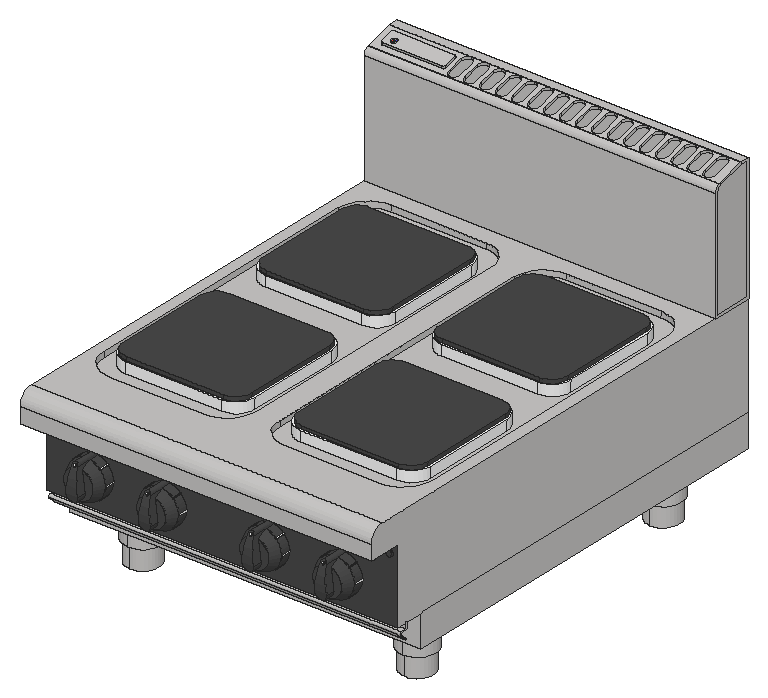
Revit family "QF_Moffat_RNB8400SE-B_Electric_Cooktops_Sealed_Hobs_cat", category Specialty Equipment, Revit 2019
Family settings
  Round Connector Dimension = Use Diameter
  Part Type = Normal
  Work Plane-Based = No
  Always vertical = Yes
  Cut with Voids When Loaded = No
  Shared = No
  Room Calculation Point = No
Parameters (values of type "RNB8400SE-B")
  Weight in Kilograms = 74
  Watts = 8800 W
  Volts = 400 V
  URL Cutsheet = ""
  Specification by User = ""
  Specification by Manufacturer = ""
  Show Low Back [instance] = no
  Show Logo [instance] = yes
  Show High Back [instance] = not(Show Low Back)  # yes
  Serial Number = ""
  Seismic Rating = ""
  SMACNA No = ""
  Revision Code = ""
  Phase = 2
  Number of Poles = 1
  NAFEM Spec ID Number = ""
  Model = "RNB8400SE-B"
  Min Ckt Ampacity = 0 A
  Max Overcurrent Protection = 0 A
  Masterspec = ""
  Manufacturer = "Moffat"
  Length = 600 mm
  Item Number = ""
  Installed By = ""
  Identify Quantity as Lot = yes
  Height = 530 mm
  HP = ""
  Furnished By = ""
  Foodservice Equipment Identifier = yes
  FL Amps = 22 A
  Electrical Remarks = ""
  Electric Connection Type = ""
  Elec Conn RI Height = 0 mm
  Elec Conn Connection Height = 0 mm
  Description = "Electric Cooktops Sealed Hobs"
  Depth = 805 mm
  Cycle = 50 Hz
  Conn Plug = ""
  Conn Conduit = yes
  CSI MasterFormat = ""
  Apparent Power = if(Phase = 3, Volts * FL Amps * 1.73, Volts * FL Amps)  # 8800 VA
Reference planes
  plane 1 "BACK": y = 0
  plane 2: z = 0
  plane 3 "LEFT": x = 0
  plane 4 "RIGHT": x = 600
  plane 5 "FRONT": y = -805
  plane 6 "TOP": z = 530
  plane 7 "Center Y": x = 300
  plane 8 "Center X": y = -402.5
Dimensions and locks
  equal spacing: plane 3 "LEFT", plane 7 "Center Y", plane 4 "RIGHT"
  "Length": plane 3 "LEFT" to plane 4 "RIGHT"
  equal spacing: plane 5 "FRONT", plane 8 "Center X", plane 1 "BACK"
  "Depth": plane 5 "FRONT" to plane 1 "BACK"
  "Height": plane 6 "TOP" to level
  aligned and locked: level to plane 2
Nested families
  nested 1: "High and Low Option" at (0, 0, -600), High Back <- "Show High Back", Low Back <- "Show Low Back", Show Logo <- "Show Logo", type "RNLB8610SE"
    with Show Logo 2 yes, Show Logo 1 no, Show Logo yes, Low Back no, High Back yes
  nested 2: "RN8400SE-B" at (0, 0, 0), type "E514S-B"
Connectors
  electrical at (470, -30, 83.4), driven by "Volts", driven by "Watts"
    settings: on nested 2, index 1, voltage 400 V, apparent load 8800 VA, apparent load phase1 0 VA, apparent load phase2 0 VA, apparent load phase3 0 VA, power factor 1, load classification "Other", number of poles 1, system type 30, power factor state 1, is connector primary yes, connector utility no, sub classification motor no, connector description "ELECTRICAL CONNECTION"
Definition of nested family "High and Low Option"
  Parameters (values of type "RNLB8610SE")
    Weight in Kilograms = 0
    Watts = Volts * FL Amps  # 12400 W
    Volts = 400 V
    URL Cutsheet = ""
    Specification by User = ""
    Specification by Manufacturer = ""
    Show Logo 2 [instance] = and(Show Logo, High Back)  # yes
    Show Logo 1 [instance] = and(Show Logo, Low Back)  # yes
    Show Logo [instance] = yes
    Serial Number = ""
    Seismic Rating = ""
    SMACNA No = ""
    Revision Code = ""
    Phase = 3
    Number of Poles = 1
    NAFEM Spec ID Number = ""
    Model = ""
    Min Ckt Ampacity = 0 A
    Max Overcurrent Protection = 0 A
    Masterspec = ""
    Manufacturer = ""
    Low Back [instance] = yes
    Length = 600 mm
    Item Number = ""
    Installed By = ""
    Identify Quantity as Lot = yes
    High Back [instance] = yes
    Height = 970 mm
    HP = ""
    Furnished By = ""
    Foodservice Equipment Identifier = yes
    FL Amps = 31 A
    Electrical Remarks = ""
    Electric Connection Type = ""
    Elec Conn RI Height = 0 mm
    Elec Conn Connection Height = 0 mm
    Description = ""
    Depth = 805 mm
    Cycle = 50 Hz
    Conn Plug = ""
    Conn Conduit = yes
    CSI MasterFormat = ""
    Apparent Power = if(Phase = 3, Volts * FL Amps * 1.73, Volts * FL Amps)  # 21452 VA
  Reference planes
    plane 1 "BACK": y = 0
    plane 2: z = 0
    plane 3 "LEFT": x = 0
    plane 4 "RIGHT": x = 600
    plane 5 "FRONT": y = -805
    plane 6 "TOP": z = 970
    plane 7 "Center Y": x = 300
    plane 8 "Center X": y = -402.5
    plane 9: x = 65.5
    plane 10: x = 834.5
    plane 11: z = 150
    plane 12: z = 675
    plane 13: z = 1130
    plane 14: z = 934.75
    plane 15: z = 915
  Forms (mm)
    Extrusion 1, solid, visible <- "Low Back"
      sketch origin (0, 0, 600) x (0, 1, 0) y (0, 0, 1)
        loop
          line (-70, 315) -> (0, 315) -> (0, 370) -> (-55, 370) -> (-70, 355) -> (-70, 315)
      from 0 to 600
    Extrusion 2, solid, visible <- "High Back"
      sketch origin (0, 0, 0) x (0, 1, 0) y (0, 0, 1)
        loop
          line (-70, 915) -> (0, 915) -> (0, 1130) -> (-15, 1130) -> (-14.143, 1126.8) -> (-3.2, 1126.8) -> (-3.2, 918.2) -> (-66.8, 918.2) -> (-66.8, 1106.055)
          arc (-66.8, 1106.055) -> (-64.982, 1111.412) -> (-60.278, 1114.555) r 8.8
          line (-60.278, 1114.555) -> (-61.106, 1117.646)
          arc (-61.106, 1117.646) -> (-67.52, 1113.36) -> (-70, 1106.055) r 12
          line (-70, 1106.055) -> (-70, 915)
      from 0 to 600
    Extrusion 3, solid, visible <- "High Back"
      sketch origin (0, 0, 0) x (0, 1, 0) y (0, 0, 1)
        loop
          line (-60.306, 1114.66) -> (-15, 1126.8) -> (-3.2, 1126.8) -> (-3.2, 918.2) -> (-66.8, 918.2) -> (-66.8, 1106.055)
          arc (-66.8, 1106.055) -> (-64.982, 1111.412) -> (-60.278, 1114.555) r 8.8
      from 0 to 3.2
    Extrusion 4, solid, visible <- "High Back"
      sketch origin (600, 0, 0) x (0, 1, 0) y (0, 0, -1)
        loop
          line (-60.306, -1114.66) -> (-15, -1126.8) -> (-3.2, -1126.8) -> (-3.2, -918.2) -> (-66.8, -918.2) -> (-66.8, -1106.055)
          arc (-66.8, -1106.055) -> (-64.982, -1111.412) -> (-60.278, -1114.555) r 8.8
      from 0 to 3.2
    Extrusion 5, solid, visible <- "High Back"
      sketch origin (0, -15, 1130) x (0, -0.965926, -0.258819) y (1, 0, 0)
        loop
          line (47.732, 600) -> (0, 600) -> (0, 0) -> (47.732, 0) -> (47.732, 600)
        loop
          arc (11.379, 149.307) -> (1.379, 139.307) -> (11.379, 129.307) r 10
          line (11.379, 129.307) -> (36.495, 129.307)
          arc (36.495, 129.307) -> (46.495, 139.307) -> (36.495, 149.307) r 10
          line (36.495, 149.307) -> (11.379, 149.307)
        loop
          arc (11.379, 176.588) -> (1.379, 166.588) -> (11.379, 156.588) r 10
          line (11.379, 156.588) -> (36.495, 156.588)
          arc (36.495, 156.588) -> (46.495, 166.588) -> (36.495, 176.588) r 10
          line (36.495, 176.588) -> (11.379, 176.588)
        loop
          arc (11.379, 203.868) -> (1.379, 193.868) -> (11.379, 183.868) r 10
          line (11.379, 183.868) -> (36.495, 183.868)
          arc (36.495, 183.868) -> (46.495, 193.868) -> (36.495, 203.868) r 10
          line (36.495, 203.868) -> (11.379, 203.868)
        loop
          arc (11.379, 231.148) -> (1.379, 221.148) -> (11.379, 211.148) r 10
          line (11.379, 211.148) -> (36.495, 211.148)
          arc (36.495, 211.148) -> (46.495, 221.148) -> (36.495, 231.148) r 10
          line (36.495, 231.148) -> (11.379, 231.148)
        loop
          arc (11.379, 258.428) -> (1.379, 248.428) -> (11.379, 238.428) r 10
          line (11.379, 238.428) -> (36.495, 238.428)
          arc (36.495, 238.428) -> (46.495, 248.428) -> (36.495, 258.428) r 10
          line (36.495, 258.428) -> (11.379, 258.428)
        loop
          arc (11.379, 285.709) -> (1.379, 275.709) -> (11.379, 265.709) r 10
          line (11.379, 265.709) -> (36.495, 265.709)
          arc (36.495, 265.709) -> (46.495, 275.709) -> (36.495, 285.709) r 10
          line (36.495, 285.709) -> (11.379, 285.709)
        loop
          arc (11.379, 312.989) -> (1.379, 302.989) -> (11.379, 292.989) r 10
          line (11.379, 292.989) -> (36.495, 292.989)
          arc (36.495, 292.989) -> (46.495, 302.989) -> (36.495, 312.989) r 10
          line (36.495, 312.989) -> (11.379, 312.989)
        loop
          arc (11.379, 340.269) -> (1.379, 330.269) -> (11.379, 320.269) r 10
          line (11.379, 320.269) -> (36.495, 320.269)
          arc (36.495, 320.269) -> (46.495, 330.269) -> (36.495, 340.269) r 10
          line (36.495, 340.269) -> (11.379, 340.269)
        loop
          arc (11.379, 367.549) -> (1.379, 357.549) -> (11.379, 347.549) r 10
          line (11.379, 347.549) -> (36.495, 347.549)
          arc (36.495, 347.549) -> (46.495, 357.549) -> (36.495, 367.549) r 10
          line (36.495, 367.549) -> (11.379, 367.549)
        loop
          arc (11.379, 394.829) -> (1.379, 384.829) -> (11.379, 374.829) r 10
          line (11.379, 374.829) -> (36.495, 374.829)
          arc (36.495, 374.829) -> (46.495, 384.829) -> (36.495, 394.829) r 10
          line (36.495, 394.829) -> (11.379, 394.829)
        loop
          arc (11.379, 422.11) -> (1.379, 412.11) -> (11.379, 402.11) r 10
          line (11.379, 402.11) -> (36.495, 402.11)
          arc (36.495, 402.11) -> (46.495, 412.11) -> (36.495, 422.11) r 10
          line (36.495, 422.11) -> (11.379, 422.11)
        loop
          arc (11.379, 449.39) -> (1.379, 439.39) -> (11.379, 429.39) r 10
          line (11.379, 429.39) -> (36.495, 429.39)
          arc (36.495, 429.39) -> (46.495, 439.39) -> (36.495, 449.39) r 10
          line (36.495, 449.39) -> (11.379, 449.39)
        loop
          arc (11.379, 476.67) -> (1.379, 466.67) -> (11.379, 456.67) r 10
          line (11.379, 456.67) -> (36.495, 456.67)
          arc (36.495, 456.67) -> (46.495, 466.67) -> (36.495, 476.67) r 10
          line (36.495, 476.67) -> (11.379, 476.67)
        loop
          arc (11.379, 503.95) -> (1.379, 493.95) -> (11.379, 483.95) r 10
          line (11.379, 483.95) -> (36.495, 483.95)
          arc (36.495, 483.95) -> (46.495, 493.95) -> (36.495, 503.95) r 10
          line (36.495, 503.95) -> (11.379, 503.95)
        loop
          arc (11.379, 531.23) -> (1.379, 521.23) -> (11.379, 511.23) r 10
          line (11.379, 511.23) -> (36.495, 511.23)
          arc (36.495, 511.23) -> (46.495, 521.23) -> (36.495, 531.23) r 10
          line (36.495, 531.23) -> (11.379, 531.23)
        loop
          arc (11.379, 558.511) -> (1.379, 548.511) -> (11.379, 538.511) r 10
          line (11.379, 538.511) -> (36.495, 538.511)
          arc (36.495, 538.511) -> (46.495, 548.511) -> (36.495, 558.511) r 10
          line (36.495, 558.511) -> (11.379, 558.511)
        loop
          arc (11.379, 585.791) -> (1.379, 575.791) -> (11.379, 565.791) r 10
          line (11.379, 565.791) -> (36.495, 565.791)
          arc (36.495, 565.791) -> (46.495, 575.791) -> (36.495, 585.791) r 10
          line (36.495, 585.791) -> (11.379, 585.791)
      from 0 to -3.2
    Extrusion 6, solid, visible <- "Low Back", not visible
      sketch origin (0, 0, 600) x (0, 1, 0) y (0, 0, 1)
        loop
          line (-70, 315) -> (0, 315) -> (0, 370) -> (-55, 370) -> (-70, 355) -> (-70, 315)
      from 0 to 600
    Extrusion 7, solid, visible <- "High Back", not visible
      sketch origin (0, 0, 0) x (0, 1, 0) y (0, 0, 1)
        loop
          line (-70, 915) -> (0, 915) -> (0, 1130) -> (-15, 1130) -> (-14.143, 1126.8) -> (-3.2, 1126.8) -> (-3.2, 918.2) -> (-66.8, 918.2) -> (-66.8, 1106.055)
          arc (-66.8, 1106.055) -> (-64.982, 1111.412) -> (-60.278, 1114.555) r 8.8
          line (-60.278, 1114.555) -> (-61.106, 1117.646)
          arc (-61.106, 1117.646) -> (-67.52, 1113.36) -> (-70, 1106.055) r 12
          line (-70, 1106.055) -> (-70, 915)
      from 0 to 600
    Extrusion 8, solid, visible <- "High Back", not visible
      sketch origin (0, 0, 0) x (0, 1, 0) y (0, 0, 1)
        loop
          line (-60.306, 1114.66) -> (-15, 1126.8) -> (-3.2, 1126.8) -> (-3.2, 918.2) -> (-66.8, 918.2) -> (-66.8, 1106.055)
          arc (-66.8, 1106.055) -> (-64.982, 1111.412) -> (-60.278, 1114.555) r 8.8
      from 0 to 3.2
    Extrusion 9, solid, visible <- "High Back", not visible
      sketch origin (600, 0, 0) x (0, 1, 0) y (0, 0, -1)
        loop
          line (-60.306, -1114.66) -> (-15, -1126.8) -> (-3.2, -1126.8) -> (-3.2, -918.2) -> (-66.8, -918.2) -> (-66.8, -1106.055)
          arc (-66.8, -1106.055) -> (-64.982, -1111.412) -> (-60.278, -1114.555) r 8.8
      from 0 to 3.2
    Extrusion 10, solid, visible <- "High Back", not visible
      sketch origin (0, -15, 1130) x (0, -0.965926, -0.258819) y (1, 0, 0)
        loop
          line (47.732, 600) -> (0, 600) -> (0, 0) -> (47.732, 0) -> (47.732, 600)
        loop
          arc (11.379, 149.307) -> (1.379, 139.307) -> (11.379, 129.307) r 10
          line (11.379, 129.307) -> (36.495, 129.307)
          arc (36.495, 129.307) -> (46.495, 139.307) -> (36.495, 149.307) r 10
          line (36.495, 149.307) -> (11.379, 149.307)
        loop
          arc (11.379, 176.588) -> (1.379, 166.588) -> (11.379, 156.588) r 10
          line (11.379, 156.588) -> (36.495, 156.588)
          arc (36.495, 156.588) -> (46.495, 166.588) -> (36.495, 176.588) r 10
          line (36.495, 176.588) -> (11.379, 176.588)
        loop
          arc (11.379, 203.868) -> (1.379, 193.868) -> (11.379, 183.868) r 10
          line (11.379, 183.868) -> (36.495, 183.868)
          arc (36.495, 183.868) -> (46.495, 193.868) -> (36.495, 203.868) r 10
          line (36.495, 203.868) -> (11.379, 203.868)
        loop
          arc (11.379, 231.148) -> (1.379, 221.148) -> (11.379, 211.148) r 10
          line (11.379, 211.148) -> (36.495, 211.148)
          arc (36.495, 211.148) -> (46.495, 221.148) -> (36.495, 231.148) r 10
          line (36.495, 231.148) -> (11.379, 231.148)
        loop
          arc (11.379, 258.428) -> (1.379, 248.428) -> (11.379, 238.428) r 10
          line (11.379, 238.428) -> (36.495, 238.428)
          arc (36.495, 238.428) -> (46.495, 248.428) -> (36.495, 258.428) r 10
          line (36.495, 258.428) -> (11.379, 258.428)
        loop
          arc (11.379, 285.709) -> (1.379, 275.709) -> (11.379, 265.709) r 10
          line (11.379, 265.709) -> (36.495, 265.709)
          arc (36.495, 265.709) -> (46.495, 275.709) -> (36.495, 285.709) r 10
          line (36.495, 285.709) -> (11.379, 285.709)
        loop
          arc (11.379, 312.989) -> (1.379, 302.989) -> (11.379, 292.989) r 10
          line (11.379, 292.989) -> (36.495, 292.989)
          arc (36.495, 292.989) -> (46.495, 302.989) -> (36.495, 312.989) r 10
          line (36.495, 312.989) -> (11.379, 312.989)
        loop
          arc (11.379, 340.269) -> (1.379, 330.269) -> (11.379, 320.269) r 10
          line (11.379, 320.269) -> (36.495, 320.269)
          arc (36.495, 320.269) -> (46.495, 330.269) -> (36.495, 340.269) r 10
          line (36.495, 340.269) -> (11.379, 340.269)
        loop
          arc (11.379, 367.549) -> (1.379, 357.549) -> (11.379, 347.549) r 10
          line (11.379, 347.549) -> (36.495, 347.549)
          arc (36.495, 347.549) -> (46.495, 357.549) -> (36.495, 367.549) r 10
          line (36.495, 367.549) -> (11.379, 367.549)
        loop
          arc (11.379, 394.829) -> (1.379, 384.829) -> (11.379, 374.829) r 10
          line (11.379, 374.829) -> (36.495, 374.829)
          arc (36.495, 374.829) -> (46.495, 384.829) -> (36.495, 394.829) r 10
          line (36.495, 394.829) -> (11.379, 394.829)
        loop
          arc (11.379, 422.11) -> (1.379, 412.11) -> (11.379, 402.11) r 10
          line (11.379, 402.11) -> (36.495, 402.11)
          arc (36.495, 402.11) -> (46.495, 412.11) -> (36.495, 422.11) r 10
          line (36.495, 422.11) -> (11.379, 422.11)
        loop
          arc (11.379, 449.39) -> (1.379, 439.39) -> (11.379, 429.39) r 10
          line (11.379, 429.39) -> (36.495, 429.39)
          arc (36.495, 429.39) -> (46.495, 439.39) -> (36.495, 449.39) r 10
          line (36.495, 449.39) -> (11.379, 449.39)
        loop
          arc (11.379, 476.67) -> (1.379, 466.67) -> (11.379, 456.67) r 10
          line (11.379, 456.67) -> (36.495, 456.67)
          arc (36.495, 456.67) -> (46.495, 466.67) -> (36.495, 476.67) r 10
          line (36.495, 476.67) -> (11.379, 476.67)
        loop
          arc (11.379, 503.95) -> (1.379, 493.95) -> (11.379, 483.95) r 10
          line (11.379, 483.95) -> (36.495, 483.95)
          arc (36.495, 483.95) -> (46.495, 493.95) -> (36.495, 503.95) r 10
          line (36.495, 503.95) -> (11.379, 503.95)
        loop
          arc (11.379, 531.23) -> (1.379, 521.23) -> (11.379, 511.23) r 10
          line (11.379, 511.23) -> (36.495, 511.23)
          arc (36.495, 511.23) -> (46.495, 521.23) -> (36.495, 531.23) r 10
          line (36.495, 531.23) -> (11.379, 531.23)
        loop
          arc (11.379, 558.511) -> (1.379, 548.511) -> (11.379, 538.511) r 10
          line (11.379, 538.511) -> (36.495, 538.511)
          arc (36.495, 538.511) -> (46.495, 548.511) -> (36.495, 558.511) r 10
          line (36.495, 558.511) -> (11.379, 558.511)
        loop
          arc (11.379, 585.791) -> (1.379, 575.791) -> (11.379, 565.791) r 10
          line (11.379, 565.791) -> (36.495, 565.791)
          arc (36.495, 565.791) -> (46.495, 575.791) -> (36.495, 585.791) r 10
          line (36.495, 585.791) -> (11.379, 585.791)
      from 0 to -3.2
  Lines and regions (mm)
    symbolic lines
      curve 1: line (0, -71.587, 946.25) -> (0, -71.587, 923.25)
      curve 2: line (0, 0, 0) -> (600, 0, 0)
      curve 3: line (0, -70, 0) -> (0, 0, 0)
      curve 4: line (600, -70, 0) -> (0, -70, 0)
      curve 5: line (600, 0, 0) -> (600, -70, 0)
      curve 6: line (129.307, -50.251, 0) -> (129.307, -25.991, 0)
      curve 7: spline (129.307, -25.991, 0) -> (129.648, -23.491, 0) -> (130.647, -21.162, 0) -> (132.236, -19.161, 0) -> (134.307, -17.626, 0) -> (136.719, -16.661, 0) -> (139.307, -16.332, 0) -> (141.896, -16.661, 0) -> (144.307, -17.626, 0) -> (146.379, -19.161, 0) -> (147.968, -21.162, 0) -> (148.967, -23.491, 0) -> (149.307, -25.991, 0)
      curve 8: line (149.307, -25.991, 0) -> (149.307, -50.251, 0)
      curve 9: spline (149.307, -50.251, 0) -> (148.967, -52.751, 0) -> (147.968, -55.081, 0) -> (146.379, -57.081, 0) -> (144.307, -58.616, 0) -> (141.896, -59.581, 0) -> (139.307, -59.91, 0) -> (136.719, -59.581, 0) -> (134.307, -58.616, 0) -> (132.236, -57.081, 0) -> (130.647, -55.081, 0) -> (129.648, -52.751, 0) -> (129.307, -50.251, 0)
      curve 10: line (156.588, -50.251, 0) -> (156.588, -25.991, 0)
      curve 11: spline (156.588, -25.991, 0) -> (156.928, -23.491, 0) -> (157.927, -21.162, 0) -> (159.517, -19.161, 0) -> (161.588, -17.626, 0) -> (164, -16.661, 0) -> (166.588, -16.332, 0) -> (169.176, -16.661, 0) -> (171.588, -17.626, 0) -> (173.659, -19.161, 0) -> (175.248, -21.162, 0) -> (176.247, -23.491, 0) -> (176.588, -25.991, 0)
      curve 12: line (176.588, -25.991, 0) -> (176.588, -50.251, 0)
      curve 13: spline (176.588, -50.251, 0) -> (176.247, -52.751, 0) -> (175.248, -55.081, 0) -> (173.659, -57.081, 0) -> (171.588, -58.616, 0) -> (169.176, -59.581, 0) -> (166.588, -59.91, 0) -> (164, -59.581, 0) -> (161.588, -58.616, 0) -> (159.517, -57.081, 0) -> (157.927, -55.081, 0) -> (156.928, -52.751, 0) -> (156.588, -50.251, 0)
      curve 14: line (183.868, -50.251, 0) -> (183.868, -25.991, 0)
      curve 15: spline (183.868, -25.991, 0) -> (184.209, -23.491, 0) -> (185.208, -21.162, 0) -> (186.797, -19.161, 0) -> (188.868, -17.626, 0) -> (191.28, -16.661, 0) -> (193.868, -16.332, 0) -> (196.456, -16.661, 0) -> (198.868, -17.626, 0) -> (200.939, -19.161, 0) -> (202.528, -21.162, 0) -> (203.527, -23.491, 0) -> (203.868, -25.991, 0)
      curve 16: line (203.868, -25.991, 0) -> (203.868, -50.251, 0)
      curve 17: spline (203.868, -50.251, 0) -> (203.527, -52.751, 0) -> (202.528, -55.081, 0) -> (200.939, -57.081, 0) -> (198.868, -58.616, 0) -> (196.456, -59.581, 0) -> (193.868, -59.91, 0) -> (191.28, -59.581, 0) -> (188.868, -58.616, 0) -> (186.797, -57.081, 0) -> (185.208, -55.081, 0) -> (184.209, -52.751, 0) -> (183.868, -50.251, 0)
      curve 18: line (211.148, -50.251, 0) -> (211.148, -25.991, 0)
      curve 19: spline (211.148, -25.991, 0) -> (211.489, -23.491, 0) -> (212.488, -21.162, 0) -> (214.077, -19.161, 0) -> (216.148, -17.626, 0) -> (218.56, -16.661, 0) -> (221.148, -16.332, 0) -> (223.736, -16.661, 0) -> (226.148, -17.626, 0) -> (228.219, -19.161, 0) -> (229.808, -21.162, 0) -> (230.807, -23.491, 0) -> (231.148, -25.991, 0)
      curve 20: line (231.148, -25.991, 0) -> (231.148, -50.251, 0)
      curve 21: spline (231.148, -50.251, 0) -> (230.807, -52.751, 0) -> (229.808, -55.081, 0) -> (228.219, -57.081, 0) -> (226.148, -58.616, 0) -> (223.736, -59.581, 0) -> (221.148, -59.91, 0) -> (218.56, -59.581, 0) -> (216.148, -58.616, 0) -> (214.077, -57.081, 0) -> (212.488, -55.081, 0) -> (211.489, -52.751, 0) -> (211.148, -50.251, 0)
      curve 22: line (238.428, -50.251, 0) -> (238.428, -25.991, 0)
      curve 23: spline (238.428, -25.991, 0) -> (238.769, -23.491, 0) -> (239.768, -21.162, 0) -> (241.357, -19.161, 0) -> (243.428, -17.626, 0) -> (245.84, -16.661, 0) -> (248.428, -16.332, 0) -> (251.017, -16.661, 0) -> (253.428, -17.626, 0) -> (255.499, -19.161, 0) -> (257.089, -21.162, 0) -> (258.088, -23.491, 0) -> (258.428, -25.991, 0)
      curve 24: line (258.428, -25.991, 0) -> (258.428, -50.251, 0)
      curve 25: spline (258.428, -50.251, 0) -> (258.088, -52.751, 0) -> (257.089, -55.081, 0) -> (255.499, -57.081, 0) -> (253.428, -58.616, 0) -> (251.017, -59.581, 0) -> (248.428, -59.91, 0) -> (245.84, -59.581, 0) -> (243.428, -58.616, 0) -> (241.357, -57.081, 0) -> (239.768, -55.081, 0) -> (238.769, -52.751, 0) -> (238.428, -50.251, 0)
      curve 26: line (265.709, -50.251, 0) -> (265.709, -25.991, 0)
      curve 27: spline (265.709, -25.991, 0) -> (266.049, -23.491, 0) -> (267.048, -21.162, 0) -> (268.637, -19.161, 0) -> (270.709, -17.626, 0) -> (273.12, -16.661, 0) -> (275.709, -16.332, 0) -> (278.297, -16.661, 0) -> (280.709, -17.626, 0) -> (282.78, -19.161, 0) -> (284.369, -21.162, 0) -> (285.368, -23.491, 0) -> (285.709, -25.991, 0)
      curve 28: line (285.709, -25.991, 0) -> (285.709, -50.251, 0)
      curve 29: spline (285.709, -50.251, 0) -> (285.368, -52.751, 0) -> (284.369, -55.081, 0) -> (282.78, -57.081, 0) -> (280.709, -58.616, 0) -> (278.297, -59.581, 0) -> (275.709, -59.91, 0) -> (273.12, -59.581, 0) -> (270.709, -58.616, 0) -> (268.637, -57.081, 0) -> (267.048, -55.081, 0) -> (266.049, -52.751, 0) -> (265.709, -50.251, 0)
      curve 30: line (292.989, -50.251, 0) -> (292.989, -25.991, 0)
      curve 31: spline (292.989, -25.991, 0) -> (293.329, -23.491, 0) -> (294.329, -21.162, 0) -> (295.918, -19.161, 0) -> (297.989, -17.626, 0) -> (300.401, -16.661, 0) -> (302.989, -16.332, 0) -> (305.577, -16.661, 0) -> (307.989, -17.626, 0) -> (310.06, -19.161, 0) -> (311.649, -21.162, 0) -> (312.648, -23.491, 0) -> (312.989, -25.991, 0)
      curve 32: line (312.989, -25.991, 0) -> (312.989, -50.251, 0)
      curve 33: spline (312.989, -50.251, 0) -> (312.648, -52.751, 0) -> (311.649, -55.081, 0) -> (310.06, -57.081, 0) -> (307.989, -58.616, 0) -> (305.577, -59.581, 0) -> (302.989, -59.91, 0) -> (300.401, -59.581, 0) -> (297.989, -58.616, 0) -> (295.918, -57.081, 0) -> (294.329, -55.081, 0) -> (293.329, -52.751, 0) -> (292.989, -50.251, 0)
      curve 34: line (320.269, -50.251, 0) -> (320.269, -25.991, 0)
      curve 35: spline (320.269, -25.991, 0) -> (320.61, -23.491, 0) -> (321.609, -21.162, 0) -> (323.198, -19.161, 0) -> (325.269, -17.626, 0) -> (327.681, -16.661, 0) -> (330.269, -16.332, 0) -> (332.857, -16.661, 0) -> (335.269, -17.626, 0) -> (337.34, -19.161, 0) -> (338.929, -21.162, 0) -> (339.928, -23.491, 0) -> (340.269, -25.991, 0)
      curve 36: line (340.269, -25.991, 0) -> (340.269, -50.251, 0)
      curve 37: spline (340.269, -50.251, 0) -> (339.928, -52.751, 0) -> (338.929, -55.081, 0) -> (337.34, -57.081, 0) -> (335.269, -58.616, 0) -> (332.857, -59.581, 0) -> (330.269, -59.91, 0) -> (327.681, -59.581, 0) -> (325.269, -58.616, 0) -> (323.198, -57.081, 0) -> (321.609, -55.081, 0) -> (320.61, -52.751, 0) -> (320.269, -50.251, 0)
      curve 38: line (347.549, -50.251, 0) -> (347.549, -25.991, 0)
      curve 39: spline (347.549, -25.991, 0) -> (347.89, -23.491, 0) -> (348.889, -21.162, 0) -> (350.478, -19.161, 0) -> (352.549, -17.626, 0) -> (354.961, -16.661, 0) -> (357.549, -16.332, 0) -> (360.137, -16.661, 0) -> (362.549, -17.626, 0) -> (364.62, -19.161, 0) -> (366.209, -21.162, 0) -> (367.208, -23.491, 0) -> (367.549, -25.991, 0)
      curve 40: line (367.549, -25.991, 0) -> (367.549, -50.251, 0)
      curve 41: spline (367.549, -50.251, 0) -> (367.208, -52.751, 0) -> (366.209, -55.081, 0) -> (364.62, -57.081, 0) -> (362.549, -58.616, 0) -> (360.137, -59.581, 0) -> (357.549, -59.91, 0) -> (354.961, -59.581, 0) -> (352.549, -58.616, 0) -> (350.478, -57.081, 0) -> (348.889, -55.081, 0) -> (347.89, -52.751, 0) -> (347.549, -50.251, 0)
      curve 42: line (374.829, -50.251, 0) -> (374.829, -25.991, 0)
      curve 43: spline (374.829, -25.991, 0) -> (375.17, -23.491, 0) -> (376.169, -21.162, 0) -> (377.758, -19.161, 0) -> (379.829, -17.626, 0) -> (382.241, -16.661, 0) -> (384.829, -16.332, 0) -> (387.418, -16.661, 0) -> (389.829, -17.626, 0) -> (391.9, -19.161, 0) -> (393.49, -21.162, 0) -> (394.489, -23.491, 0) -> (394.829, -25.991, 0)
      curve 44: line (394.829, -25.991, 0) -> (394.829, -50.251, 0)
      curve 45: spline (394.829, -50.251, 0) -> (394.489, -52.751, 0) -> (393.49, -55.081, 0) -> (391.9, -57.081, 0) -> (389.829, -58.616, 0) -> (387.418, -59.581, 0) -> (384.829, -59.91, 0) -> (382.241, -59.581, 0) -> (379.829, -58.616, 0) -> (377.758, -57.081, 0) -> (376.169, -55.081, 0) -> (375.17, -52.751, 0) -> (374.829, -50.251, 0)
      curve 46: line (402.11, -50.251, 0) -> (402.11, -25.991, 0)
      curve 47: spline (402.11, -25.991, 0) -> (402.45, -23.491, 0) -> (403.449, -21.162, 0) -> (405.039, -19.161, 0) -> (407.11, -17.626, 0) -> (409.521, -16.661, 0) -> (412.11, -16.332, 0) -> (414.698, -16.661, 0) -> (417.11, -17.626, 0) -> (419.181, -19.161, 0) -> (420.77, -21.162, 0) -> (421.769, -23.491, 0) -> (422.11, -25.991, 0)
      curve 48: line (422.11, -25.991, 0) -> (422.11, -50.251, 0)
      curve 49: spline (422.11, -50.251, 0) -> (421.769, -52.751, 0) -> (420.77, -55.081, 0) -> (419.181, -57.081, 0) -> (417.11, -58.616, 0) -> (414.698, -59.581, 0) -> (412.11, -59.91, 0) -> (409.521, -59.581, 0) -> (407.11, -58.616, 0) -> (405.039, -57.081, 0) -> (403.449, -55.081, 0) -> (402.45, -52.751, 0) -> (402.11, -50.251, 0)
      curve 50: line (429.39, -50.251, 0) -> (429.39, -25.991, 0)
      curve 51: spline (429.39, -25.991, 0) -> (429.731, -23.491, 0) -> (430.73, -21.162, 0) -> (432.319, -19.161, 0) -> (434.39, -17.626, 0) -> (436.802, -16.661, 0) -> (439.39, -16.332, 0) -> (441.978, -16.661, 0) -> (444.39, -17.626, 0) -> (446.461, -19.161, 0) -> (448.05, -21.162, 0) -> (449.049, -23.491, 0) -> (449.39, -25.991, 0)
      curve 52: line (449.39, -25.991, 0) -> (449.39, -50.251, 0)
      curve 53: spline (449.39, -50.251, 0) -> (449.049, -52.751, 0) -> (448.05, -55.081, 0) -> (446.461, -57.081, 0) -> (444.39, -58.616, 0) -> (441.978, -59.581, 0) -> (439.39, -59.91, 0) -> (436.802, -59.581, 0) -> (434.39, -58.616, 0) -> (432.319, -57.081, 0) -> (430.73, -55.081, 0) -> (429.731, -52.751, 0) -> (429.39, -50.251, 0)
      curve 54: line (456.67, -50.251, 0) -> (456.67, -25.991, 0)
      curve 55: spline (456.67, -25.991, 0) -> (457.011, -23.491, 0) -> (458.01, -21.162, 0) -> (459.599, -19.161, 0) -> (461.67, -17.626, 0) -> (464.082, -16.661, 0) -> (466.67, -16.332, 0) -> (469.258, -16.661, 0) -> (471.67, -17.626, 0) -> (473.741, -19.161, 0) -> (475.33, -21.162, 0) -> (476.329, -23.491, 0) -> (476.67, -25.991, 0)
      curve 56: line (476.67, -25.991, 0) -> (476.67, -50.251, 0)
      curve 57: spline (476.67, -50.251, 0) -> (476.329, -52.751, 0) -> (475.33, -55.081, 0) -> (473.741, -57.081, 0) -> (471.67, -58.616, 0) -> (469.258, -59.581, 0) -> (466.67, -59.91, 0) -> (464.082, -59.581, 0) -> (461.67, -58.616, 0) -> (459.599, -57.081, 0) -> (458.01, -55.081, 0) -> (457.011, -52.751, 0) -> (456.67, -50.251, 0)
      curve 58: line (483.95, -50.251, 0) -> (483.95, -25.991, 0)
      curve 59: spline (483.95, -25.991, 0) -> (484.291, -23.491, 0) -> (485.29, -21.162, 0) -> (486.879, -19.161, 0) -> (488.95, -17.626, 0) -> (491.362, -16.661, 0) -> (493.95, -16.332, 0) -> (496.538, -16.661, 0) -> (498.95, -17.626, 0) -> (501.021, -19.161, 0) -> (502.61, -21.162, 0) -> (503.609, -23.491, 0) -> (503.95, -25.991, 0)
      curve 60: line (503.95, -25.991, 0) -> (503.95, -50.251, 0)
      curve 61: spline (503.95, -50.251, 0) -> (503.609, -52.751, 0) -> (502.61, -55.081, 0) -> (501.021, -57.081, 0) -> (498.95, -58.616, 0) -> (496.538, -59.581, 0) -> (493.95, -59.91, 0) -> (491.362, -59.581, 0) -> (488.95, -58.616, 0) -> (486.879, -57.081, 0) -> (485.29, -55.081, 0) -> (484.291, -52.751, 0) -> (483.95, -50.251, 0)
      curve 62: line (511.23, -50.251, 0) -> (511.23, -25.991, 0)
      curve 63: spline (511.23, -25.991, 0) -> (511.571, -23.491, 0) -> (512.57, -21.162, 0) -> (514.159, -19.161, 0) -> (516.23, -17.626, 0) -> (518.642, -16.661, 0) -> (521.23, -16.332, 0) -> (523.819, -16.661, 0) -> (526.23, -17.626, 0) -> (528.302, -19.161, 0) -> (529.891, -21.162, 0) -> (530.89, -23.491, 0) -> (531.23, -25.991, 0)
      curve 64: line (531.23, -25.991, 0) -> (531.23, -50.251, 0)
      curve 65: spline (531.23, -50.251, 0) -> (530.89, -52.751, 0) -> (529.891, -55.081, 0) -> (528.302, -57.081, 0) -> (526.23, -58.616, 0) -> (523.819, -59.581, 0) -> (521.23, -59.91, 0) -> (518.642, -59.581, 0) -> (516.23, -58.616, 0) -> (514.159, -57.081, 0) -> (512.57, -55.081, 0) -> (511.571, -52.751, 0) -> (511.23, -50.251, 0)
      curve 66: line (538.511, -50.251, 0) -> (538.511, -25.991, 0)
      curve 67: spline (538.511, -25.991, 0) -> (538.851, -23.491, 0) -> (539.85, -21.162, 0) -> (541.44, -19.161, 0) -> (543.511, -17.626, 0) -> (545.922, -16.661, 0) -> (548.511, -16.332, 0) -> (551.099, -16.661, 0) -> (553.511, -17.626, 0) -> (555.582, -19.161, 0) -> (557.171, -21.162, 0) -> (558.17, -23.491, 0) -> (558.511, -25.991, 0)
      curve 68: line (558.511, -25.991, 0) -> (558.511, -50.251, 0)
      curve 69: spline (558.511, -50.251, 0) -> (558.17, -52.751, 0) -> (557.171, -55.081, 0) -> (555.582, -57.081, 0) -> (553.511, -58.616, 0) -> (551.099, -59.581, 0) -> (548.511, -59.91, 0) -> (545.922, -59.581, 0) -> (543.511, -58.616, 0) -> (541.44, -57.081, 0) -> (539.85, -55.081, 0) -> (538.851, -52.751, 0) -> (538.511, -50.251, 0)
      curve 70: line (565.791, -50.251, 0) -> (565.791, -25.991, 0)
      curve 71: spline (565.791, -25.991, 0) -> (566.132, -23.491, 0) -> (567.131, -21.162, 0) -> (568.72, -19.161, 0) -> (570.791, -17.626, 0) -> (573.203, -16.661, 0) -> (575.791, -16.332, 0) -> (578.379, -16.661, 0) -> (580.791, -17.626, 0) -> (582.862, -19.161, 0) -> (584.451, -21.162, 0) -> (585.45, -23.491, 0) -> (585.791, -25.991, 0)
      curve 72: line (585.791, -25.991, 0) -> (585.791, -50.251, 0)
      curve 73: spline (585.791, -50.251, 0) -> (585.45, -52.751, 0) -> (584.451, -55.081, 0) -> (582.862, -57.081, 0) -> (580.791, -58.616, 0) -> (578.379, -59.581, 0) -> (575.791, -59.91, 0) -> (573.203, -59.581, 0) -> (570.791, -58.616, 0) -> (568.72, -57.081, 0) -> (567.131, -55.081, 0) -> (566.132, -52.751, 0) -> (565.791, -50.251, 0)
      curve 146: line (0, 0, 0) -> (600, 0, 0)
      curve 147: line (0, -70, 0) -> (0, 0, 0)
      curve 148: line (600, -70, 0) -> (0, -70, 0)
      curve 149: line (600, 0, 0) -> (600, -70, 0)
    symbolic lines, not visible
      curve 74: line (0, 0, 0) -> (600, 0, 0)
      curve 75: line (0, -70, 0) -> (0, 0, 0)
      curve 76: line (600, -70, 0) -> (0, -70, 0)
      curve 77: line (600, 0, 0) -> (600, -70, 0)
      curve 78: line (129.307, -50.251, 0) -> (129.307, -25.991, 0)
      curve 79: spline (129.307, -25.991, 0) -> (129.648, -23.491, 0) -> (130.647, -21.162, 0) -> (132.236, -19.161, 0) -> (134.307, -17.626, 0) -> (136.719, -16.661, 0) -> (139.307, -16.332, 0) -> (141.896, -16.661, 0) -> (144.307, -17.626, 0) -> (146.379, -19.161, 0) -> (147.968, -21.162, 0) -> (148.967, -23.491, 0) -> (149.307, -25.991, 0)
      curve 80: line (149.307, -25.991, 0) -> (149.307, -50.251, 0)
      curve 81: spline (149.307, -50.251, 0) -> (148.967, -52.751, 0) -> (147.968, -55.081, 0) -> (146.379, -57.081, 0) -> (144.307, -58.616, 0) -> (141.896, -59.581, 0) -> (139.307, -59.91, 0) -> (136.719, -59.581, 0) -> (134.307, -58.616, 0) -> (132.236, -57.081, 0) -> (130.647, -55.081, 0) -> (129.648, -52.751, 0) -> (129.307, -50.251, 0)
      curve 82: line (156.588, -50.251, 0) -> (156.588, -25.991, 0)
      curve 83: spline (156.588, -25.991, 0) -> (156.928, -23.491, 0) -> (157.927, -21.162, 0) -> (159.517, -19.161, 0) -> (161.588, -17.626, 0) -> (164, -16.661, 0) -> (166.588, -16.332, 0) -> (169.176, -16.661, 0) -> (171.588, -17.626, 0) -> (173.659, -19.161, 0) -> (175.248, -21.162, 0) -> (176.247, -23.491, 0) -> (176.588, -25.991, 0)
      curve 84: line (176.588, -25.991, 0) -> (176.588, -50.251, 0)
      curve 85: spline (176.588, -50.251, 0) -> (176.247, -52.751, 0) -> (175.248, -55.081, 0) -> (173.659, -57.081, 0) -> (171.588, -58.616, 0) -> (169.176, -59.581, 0) -> (166.588, -59.91, 0) -> (164, -59.581, 0) -> (161.588, -58.616, 0) -> (159.517, -57.081, 0) -> (157.927, -55.081, 0) -> (156.928, -52.751, 0) -> (156.588, -50.251, 0)
      curve 86: line (183.868, -50.251, 0) -> (183.868, -25.991, 0)
      curve 87: spline (183.868, -25.991, 0) -> (184.209, -23.491, 0) -> (185.208, -21.162, 0) -> (186.797, -19.161, 0) -> (188.868, -17.626, 0) -> (191.28, -16.661, 0) -> (193.868, -16.332, 0) -> (196.456, -16.661, 0) -> (198.868, -17.626, 0) -> (200.939, -19.161, 0) -> (202.528, -21.162, 0) -> (203.527, -23.491, 0) -> (203.868, -25.991, 0)
      curve 88: line (203.868, -25.991, 0) -> (203.868, -50.251, 0)
      curve 89: spline (203.868, -50.251, 0) -> (203.527, -52.751, 0) -> (202.528, -55.081, 0) -> (200.939, -57.081, 0) -> (198.868, -58.616, 0) -> (196.456, -59.581, 0) -> (193.868, -59.91, 0) -> (191.28, -59.581, 0) -> (188.868, -58.616, 0) -> (186.797, -57.081, 0) -> (185.208, -55.081, 0) -> (184.209, -52.751, 0) -> (183.868, -50.251, 0)
      curve 90: line (211.148, -50.251, 0) -> (211.148, -25.991, 0)
      curve 91: spline (211.148, -25.991, 0) -> (211.489, -23.491, 0) -> (212.488, -21.162, 0) -> (214.077, -19.161, 0) -> (216.148, -17.626, 0) -> (218.56, -16.661, 0) -> (221.148, -16.332, 0) -> (223.736, -16.661, 0) -> (226.148, -17.626, 0) -> (228.219, -19.161, 0) -> (229.808, -21.162, 0) -> (230.807, -23.491, 0) -> (231.148, -25.991, 0)
      curve 92: line (231.148, -25.991, 0) -> (231.148, -50.251, 0)
      curve 93: spline (231.148, -50.251, 0) -> (230.807, -52.751, 0) -> (229.808, -55.081, 0) -> (228.219, -57.081, 0) -> (226.148, -58.616, 0) -> (223.736, -59.581, 0) -> (221.148, -59.91, 0) -> (218.56, -59.581, 0) -> (216.148, -58.616, 0) -> (214.077, -57.081, 0) -> (212.488, -55.081, 0) -> (211.489, -52.751, 0) -> (211.148, -50.251, 0)
      curve 94: line (238.428, -50.251, 0) -> (238.428, -25.991, 0)
      curve 95: spline (238.428, -25.991, 0) -> (238.769, -23.491, 0) -> (239.768, -21.162, 0) -> (241.357, -19.161, 0) -> (243.428, -17.626, 0) -> (245.84, -16.661, 0) -> (248.428, -16.332, 0) -> (251.017, -16.661, 0) -> (253.428, -17.626, 0) -> (255.499, -19.161, 0) -> (257.089, -21.162, 0) -> (258.088, -23.491, 0) -> (258.428, -25.991, 0)
      curve 96: line (258.428, -25.991, 0) -> (258.428, -50.251, 0)
      curve 97: spline (258.428, -50.251, 0) -> (258.088, -52.751, 0) -> (257.089, -55.081, 0) -> (255.499, -57.081, 0) -> (253.428, -58.616, 0) -> (251.017, -59.581, 0) -> (248.428, -59.91, 0) -> (245.84, -59.581, 0) -> (243.428, -58.616, 0) -> (241.357, -57.081, 0) -> (239.768, -55.081, 0) -> (238.769, -52.751, 0) -> (238.428, -50.251, 0)
      curve 98: line (265.709, -50.251, 0) -> (265.709, -25.991, 0)
      curve 99: spline (265.709, -25.991, 0) -> (266.049, -23.491, 0) -> (267.048, -21.162, 0) -> (268.637, -19.161, 0) -> (270.709, -17.626, 0) -> (273.12, -16.661, 0) -> (275.709, -16.332, 0) -> (278.297, -16.661, 0) -> (280.709, -17.626, 0) -> (282.78, -19.161, 0) -> (284.369, -21.162, 0) -> (285.368, -23.491, 0) -> (285.709, -25.991, 0)
      curve 100: line (285.709, -25.991, 0) -> (285.709, -50.251, 0)
      curve 101: spline (285.709, -50.251, 0) -> (285.368, -52.751, 0) -> (284.369, -55.081, 0) -> (282.78, -57.081, 0) -> (280.709, -58.616, 0) -> (278.297, -59.581, 0) -> (275.709, -59.91, 0) -> (273.12, -59.581, 0) -> (270.709, -58.616, 0) -> (268.637, -57.081, 0) -> (267.048, -55.081, 0) -> (266.049, -52.751, 0) -> (265.709, -50.251, 0)
      curve 102: line (292.989, -50.251, 0) -> (292.989, -25.991, 0)
      curve 103: spline (292.989, -25.991, 0) -> (293.329, -23.491, 0) -> (294.329, -21.162, 0) -> (295.918, -19.161, 0) -> (297.989, -17.626, 0) -> (300.401, -16.661, 0) -> (302.989, -16.332, 0) -> (305.577, -16.661, 0) -> (307.989, -17.626, 0) -> (310.06, -19.161, 0) -> (311.649, -21.162, 0) -> (312.648, -23.491, 0) -> (312.989, -25.991, 0)
      curve 104: line (312.989, -25.991, 0) -> (312.989, -50.251, 0)
      curve 105: spline (312.989, -50.251, 0) -> (312.648, -52.751, 0) -> (311.649, -55.081, 0) -> (310.06, -57.081, 0) -> (307.989, -58.616, 0) -> (305.577, -59.581, 0) -> (302.989, -59.91, 0) -> (300.401, -59.581, 0) -> (297.989, -58.616, 0) -> (295.918, -57.081, 0) -> (294.329, -55.081, 0) -> (293.329, -52.751, 0) -> (292.989, -50.251, 0)
      curve 106: line (320.269, -50.251, 0) -> (320.269, -25.991, 0)
      curve 107: spline (320.269, -25.991, 0) -> (320.61, -23.491, 0) -> (321.609, -21.162, 0) -> (323.198, -19.161, 0) -> (325.269, -17.626, 0) -> (327.681, -16.661, 0) -> (330.269, -16.332, 0) -> (332.857, -16.661, 0) -> (335.269, -17.626, 0) -> (337.34, -19.161, 0) -> (338.929, -21.162, 0) -> (339.928, -23.491, 0) -> (340.269, -25.991, 0)
      curve 108: line (340.269, -25.991, 0) -> (340.269, -50.251, 0)
      curve 109: spline (340.269, -50.251, 0) -> (339.928, -52.751, 0) -> (338.929, -55.081, 0) -> (337.34, -57.081, 0) -> (335.269, -58.616, 0) -> (332.857, -59.581, 0) -> (330.269, -59.91, 0) -> (327.681, -59.581, 0) -> (325.269, -58.616, 0) -> (323.198, -57.081, 0) -> (321.609, -55.081, 0) -> (320.61, -52.751, 0) -> (320.269, -50.251, 0)
      curve 110: line (347.549, -50.251, 0) -> (347.549, -25.991, 0)
      curve 111: spline (347.549, -25.991, 0) -> (347.89, -23.491, 0) -> (348.889, -21.162, 0) -> (350.478, -19.161, 0) -> (352.549, -17.626, 0) -> (354.961, -16.661, 0) -> (357.549, -16.332, 0) -> (360.137, -16.661, 0) -> (362.549, -17.626, 0) -> (364.62, -19.161, 0) -> (366.209, -21.162, 0) -> (367.208, -23.491, 0) -> (367.549, -25.991, 0)
      curve 112: line (367.549, -25.991, 0) -> (367.549, -50.251, 0)
      curve 113: spline (367.549, -50.251, 0) -> (367.208, -52.751, 0) -> (366.209, -55.081, 0) -> (364.62, -57.081, 0) -> (362.549, -58.616, 0) -> (360.137, -59.581, 0) -> (357.549, -59.91, 0) -> (354.961, -59.581, 0) -> (352.549, -58.616, 0) -> (350.478, -57.081, 0) -> (348.889, -55.081, 0) -> (347.89, -52.751, 0) -> (347.549, -50.251, 0)
      curve 114: line (374.829, -50.251, 0) -> (374.829, -25.991, 0)
      curve 115: spline (374.829, -25.991, 0) -> (375.17, -23.491, 0) -> (376.169, -21.162, 0) -> (377.758, -19.161, 0) -> (379.829, -17.626, 0) -> (382.241, -16.661, 0) -> (384.829, -16.332, 0) -> (387.418, -16.661, 0) -> (389.829, -17.626, 0) -> (391.9, -19.161, 0) -> (393.49, -21.162, 0) -> (394.489, -23.491, 0) -> (394.829, -25.991, 0)
      curve 116: line (394.829, -25.991, 0) -> (394.829, -50.251, 0)
      curve 117: spline (394.829, -50.251, 0) -> (394.489, -52.751, 0) -> (393.49, -55.081, 0) -> (391.9, -57.081, 0) -> (389.829, -58.616, 0) -> (387.418, -59.581, 0) -> (384.829, -59.91, 0) -> (382.241, -59.581, 0) -> (379.829, -58.616, 0) -> (377.758, -57.081, 0) -> (376.169, -55.081, 0) -> (375.17, -52.751, 0) -> (374.829, -50.251, 0)
      curve 118: line (402.11, -50.251, 0) -> (402.11, -25.991, 0)
      curve 119: spline (402.11, -25.991, 0) -> (402.45, -23.491, 0) -> (403.449, -21.162, 0) -> (405.039, -19.161, 0) -> (407.11, -17.626, 0) -> (409.521, -16.661, 0) -> (412.11, -16.332, 0) -> (414.698, -16.661, 0) -> (417.11, -17.626, 0) -> (419.181, -19.161, 0) -> (420.77, -21.162, 0) -> (421.769, -23.491, 0) -> (422.11, -25.991, 0)
      curve 120: line (422.11, -25.991, 0) -> (422.11, -50.251, 0)
      curve 121: spline (422.11, -50.251, 0) -> (421.769, -52.751, 0) -> (420.77, -55.081, 0) -> (419.181, -57.081, 0) -> (417.11, -58.616, 0) -> (414.698, -59.581, 0) -> (412.11, -59.91, 0) -> (409.521, -59.581, 0) -> (407.11, -58.616, 0) -> (405.039, -57.081, 0) -> (403.449, -55.081, 0) -> (402.45, -52.751, 0) -> (402.11, -50.251, 0)
      curve 122: line (429.39, -50.251, 0) -> (429.39, -25.991, 0)
      curve 123: spline (429.39, -25.991, 0) -> (429.731, -23.491, 0) -> (430.73, -21.162, 0) -> (432.319, -19.161, 0) -> (434.39, -17.626, 0) -> (436.802, -16.661, 0) -> (439.39, -16.332, 0) -> (441.978, -16.661, 0) -> (444.39, -17.626, 0) -> (446.461, -19.161, 0) -> (448.05, -21.162, 0) -> (449.049, -23.491, 0) -> (449.39, -25.991, 0)
      curve 124: line (449.39, -25.991, 0) -> (449.39, -50.251, 0)
      curve 125: spline (449.39, -50.251, 0) -> (449.049, -52.751, 0) -> (448.05, -55.081, 0) -> (446.461, -57.081, 0) -> (444.39, -58.616, 0) -> (441.978, -59.581, 0) -> (439.39, -59.91, 0) -> (436.802, -59.581, 0) -> (434.39, -58.616, 0) -> (432.319, -57.081, 0) -> (430.73, -55.081, 0) -> (429.731, -52.751, 0) -> (429.39, -50.251, 0)
      curve 126: line (456.67, -50.251, 0) -> (456.67, -25.991, 0)
      curve 127: spline (456.67, -25.991, 0) -> (457.011, -23.491, 0) -> (458.01, -21.162, 0) -> (459.599, -19.161, 0) -> (461.67, -17.626, 0) -> (464.082, -16.661, 0) -> (466.67, -16.332, 0) -> (469.258, -16.661, 0) -> (471.67, -17.626, 0) -> (473.741, -19.161, 0) -> (475.33, -21.162, 0) -> (476.329, -23.491, 0) -> (476.67, -25.991, 0)
      curve 128: line (476.67, -25.991, 0) -> (476.67, -50.251, 0)
      curve 129: spline (476.67, -50.251, 0) -> (476.329, -52.751, 0) -> (475.33, -55.081, 0) -> (473.741, -57.081, 0) -> (471.67, -58.616, 0) -> (469.258, -59.581, 0) -> (466.67, -59.91, 0) -> (464.082, -59.581, 0) -> (461.67, -58.616, 0) -> (459.599, -57.081, 0) -> (458.01, -55.081, 0) -> (457.011, -52.751, 0) -> (456.67, -50.251, 0)
      curve 130: line (483.95, -50.251, 0) -> (483.95, -25.991, 0)
      curve 131: spline (483.95, -25.991, 0) -> (484.291, -23.491, 0) -> (485.29, -21.162, 0) -> (486.879, -19.161, 0) -> (488.95, -17.626, 0) -> (491.362, -16.661, 0) -> (493.95, -16.332, 0) -> (496.538, -16.661, 0) -> (498.95, -17.626, 0) -> (501.021, -19.161, 0) -> (502.61, -21.162, 0) -> (503.609, -23.491, 0) -> (503.95, -25.991, 0)
      curve 132: line (503.95, -25.991, 0) -> (503.95, -50.251, 0)
      curve 133: spline (503.95, -50.251, 0) -> (503.609, -52.751, 0) -> (502.61, -55.081, 0) -> (501.021, -57.081, 0) -> (498.95, -58.616, 0) -> (496.538, -59.581, 0) -> (493.95, -59.91, 0) -> (491.362, -59.581, 0) -> (488.95, -58.616, 0) -> (486.879, -57.081, 0) -> (485.29, -55.081, 0) -> (484.291, -52.751, 0) -> (483.95, -50.251, 0)
      curve 134: line (511.23, -50.251, 0) -> (511.23, -25.991, 0)
      curve 135: spline (511.23, -25.991, 0) -> (511.571, -23.491, 0) -> (512.57, -21.162, 0) -> (514.159, -19.161, 0) -> (516.23, -17.626, 0) -> (518.642, -16.661, 0) -> (521.23, -16.332, 0) -> (523.819, -16.661, 0) -> (526.23, -17.626, 0) -> (528.302, -19.161, 0) -> (529.891, -21.162, 0) -> (530.89, -23.491, 0) -> (531.23, -25.991, 0)
      curve 136: line (531.23, -25.991, 0) -> (531.23, -50.251, 0)
      curve 137: spline (531.23, -50.251, 0) -> (530.89, -52.751, 0) -> (529.891, -55.081, 0) -> (528.302, -57.081, 0) -> (526.23, -58.616, 0) -> (523.819, -59.581, 0) -> (521.23, -59.91, 0) -> (518.642, -59.581, 0) -> (516.23, -58.616, 0) -> (514.159, -57.081, 0) -> (512.57, -55.081, 0) -> (511.571, -52.751, 0) -> (511.23, -50.251, 0)
      curve 138: line (538.511, -50.251, 0) -> (538.511, -25.991, 0)
      curve 139: spline (538.511, -25.991, 0) -> (538.851, -23.491, 0) -> (539.85, -21.162, 0) -> (541.44, -19.161, 0) -> (543.511, -17.626, 0) -> (545.922, -16.661, 0) -> (548.511, -16.332, 0) -> (551.099, -16.661, 0) -> (553.511, -17.626, 0) -> (555.582, -19.161, 0) -> (557.171, -21.162, 0) -> (558.17, -23.491, 0) -> (558.511, -25.991, 0)
      curve 140: line (558.511, -25.991, 0) -> (558.511, -50.251, 0)
      curve 141: spline (558.511, -50.251, 0) -> (558.17, -52.751, 0) -> (557.171, -55.081, 0) -> (555.582, -57.081, 0) -> (553.511, -58.616, 0) -> (551.099, -59.581, 0) -> (548.511, -59.91, 0) -> (545.922, -59.581, 0) -> (543.511, -58.616, 0) -> (541.44, -57.081, 0) -> (539.85, -55.081, 0) -> (538.851, -52.751, 0) -> (538.511, -50.251, 0)
      curve 142: line (565.791, -50.251, 0) -> (565.791, -25.991, 0)
      curve 143: spline (565.791, -25.991, 0) -> (566.132, -23.491, 0) -> (567.131, -21.162, 0) -> (568.72, -19.161, 0) -> (570.791, -17.626, 0) -> (573.203, -16.661, 0) -> (575.791, -16.332, 0) -> (578.379, -16.661, 0) -> (580.791, -17.626, 0) -> (582.862, -19.161, 0) -> (584.451, -21.162, 0) -> (585.45, -23.491, 0) -> (585.791, -25.991, 0)
      curve 144: line (585.791, -25.991, 0) -> (585.791, -50.251, 0)
      curve 145: spline (585.791, -50.251, 0) -> (585.45, -52.751, 0) -> (584.451, -55.081, 0) -> (582.862, -57.081, 0) -> (580.791, -58.616, 0) -> (578.379, -59.581, 0) -> (575.791, -59.91, 0) -> (573.203, -59.581, 0) -> (570.791, -58.616, 0) -> (568.72, -57.081, 0) -> (567.131, -55.081, 0) -> (566.132, -52.751, 0) -> (565.791, -50.251, 0)
      curve 150: line (0, 0, 0) -> (600, 0, 0)
      curve 151: line (0, -70, 0) -> (0, 0, 0)
      curve 152: line (600, -70, 0) -> (0, -70, 0)
      curve 153: line (600, 0, 0) -> (600, -70, 0)
  Dimensions and locks
    equal spacing: plane 3 "LEFT", plane 7 "Center Y", plane 4 "RIGHT"
    "Length": plane 3 "LEFT" to plane 4 "RIGHT"
    equal spacing: plane 5 "FRONT", plane 8 "Center X", plane 1 "BACK"
    "Depth": plane 5 "FRONT" to plane 1 "BACK"
    "Height": plane 6 "TOP" to level
    plane 4 "RIGHT" to plane 3 "LEFT" = 600 mm
    plane 1 "BACK" to plane 5 "FRONT" = 805 mm
    plane 9 to plane 10 = 769 mm
    plane 12 to plane 2 = 675 mm
    plane 6 "TOP" to level = 970 mm
    plane 13 to level = 1130 mm
    plane 13 to plane 15 = 215 mm
    aligned and locked: level to plane 2
  Automatic sketch dimensions
    Extrusion 2 sketch curve to Extrusion 2 sketch curve = 0 mm  (x4)
    Extrusion 2 sketch curve to Extrusion 2 sketch curve = 11.8 mm
    Extrusion 2 sketch curve to Extrusion 2 sketch curve = 43.857 mm
    Extrusion 2 sketch curve to Extrusion 2 sketch curve = 2.278 mm
    Extrusion 2 sketch curve to Extrusion 2 sketch curve = 0.828 mm
    Extrusion 2 sketch curve to Extrusion 2 sketch curve = 63.6 mm
    Extrusion 2 sketch curve to Extrusion 2 sketch curve = 3.2 mm  (x4)
    plane 1 "BACK" to curve 1 = 71.587 mm
    curve 1 to plane 6 "TOP" = 46.75 mm
    curve 1 to curve 1 = 23 mm
    Extrusion 2 sketch curve to Extrusion 2 sketch curve = 5.694 mm
    Extrusion 2 sketch curve to Extrusion 2 sketch curve = 187.855 mm
    Extrusion 2 sketch curve to Extrusion 2 sketch curve = 12.245 mm
    Extrusion 7 sketch curve to Extrusion 7 sketch curve = 0 mm  (x4)
    Extrusion 7 sketch curve to Extrusion 7 sketch curve = 11.8 mm
    Extrusion 7 sketch curve to Extrusion 7 sketch curve = 43.857 mm
    Extrusion 7 sketch curve to Extrusion 7 sketch curve = 2.278 mm
    Extrusion 7 sketch curve to Extrusion 7 sketch curve = 0.828 mm
    Extrusion 7 sketch curve to Extrusion 7 sketch curve = 63.6 mm
    Extrusion 7 sketch curve to Extrusion 7 sketch curve = 3.2 mm  (x4)
    Extrusion 7 sketch curve to Extrusion 7 sketch curve = 5.694 mm
    Extrusion 7 sketch curve to Extrusion 7 sketch curve = 187.855 mm
    Extrusion 7 sketch curve to Extrusion 7 sketch curve = 12.245 mm
    curve 2 to curve 6 = 129.307 mm
    curve 6 to curve 8 = 20 mm
    curve 8 to curve 10 = 7.28 mm
    curve 10 to curve 12 = 20 mm
    curve 12 to curve 14 = 7.28 mm
    curve 14 to curve 16 = 20 mm
    curve 16 to curve 18 = 7.28 mm
    curve 18 to curve 20 = 20 mm
    curve 20 to curve 22 = 7.28 mm
    curve 22 to curve 24 = 20 mm
    curve 24 to curve 26 = 7.28 mm
    curve 29 to curve 28 = 20 mm
    curve 27 to curve 30 = 7.28 mm
    curve 30 to curve 32 = 20 mm
    curve 33 to curve 34 = 7.28 mm
    curve 34 to curve 36 = 20 mm
    curve 37 to curve 38 = 7.28 mm
    curve 41 to curve 40 = 20 mm
    curve 41 to curve 42 = 7.28 mm
    curve 45 to curve 44 = 20 mm
    curve 45 to curve 46 = 7.28 mm
    curve 46 to curve 48 = 20 mm
    curve 49 to curve 50 = 7.28 mm
    curve 50 to curve 52 = 20 mm
    curve 53 to curve 54 = 7.28 mm
    curve 57 to curve 56 = 20 mm
    curve 57 to curve 58 = 7.28 mm
    curve 58 to curve 60 = 20 mm
    curve 61 to curve 62 = 7.28 mm
    curve 62 to curve 64 = 20 mm
    curve 65 to curve 66 = 7.28 mm
    curve 66 to curve 68 = 20 mm
    curve 69 to curve 70 = 7.28 mm
    curve 70 to curve 72 = 20 mm
    curve 3 to curve 6 = 19.749 mm
    curve 8 to curve 10 = 0 mm
    curve 12 to curve 14 = 0 mm
    curve 16 to curve 18 = 0 mm
    curve 20 to curve 22 = 0 mm
    curve 24 to curve 26 = 0 mm
    curve 29 to curve 30 = 0 mm
    curve 33 to curve 34 = 0 mm
    curve 37 to curve 38 = 0 mm
    curve 68 to curve 70 = 0 mm  (x2)
    curve 41 to curve 42 = 0 mm
    curve 64 to curve 69 = 0 mm
    curve 45 to curve 46 = 0 mm
    curve 60 to curve 65 = 0 mm
    curve 49 to curve 50 = 0 mm
    curve 56 to curve 58 = 0 mm  (x2)
    curve 52 to curve 52 = 24.26 mm
    curve 52 to curve 54 = 0 mm
    curve 48 to curve 51 = 0 mm
    curve 44 to curve 47 = 0 mm
    curve 59 to curve 62 = 0 mm
    curve 40 to curve 43 = 0 mm
    curve 64 to curve 66 = 0 mm
    curve 36 to curve 39 = 0 mm
    curve 32 to curve 35 = 0 mm
    curve 28 to curve 31 = 0 mm
    curve 24 to curve 27 = 0 mm
    curve 20 to curve 23 = 0 mm
    curve 16 to curve 19 = 0 mm
    curve 12 to curve 15 = 0 mm
    curve 8 to curve 11 = 0 mm
    curve 3 to curve 3 = 70 mm
    Extrusion 5 sketch curve to Extrusion 5 sketch curve = 11.379 mm  (x2)
    Extrusion 5 sketch curve to Extrusion 5 sketch curve = 0 mm  (x26)
    Extrusion 5 sketch curve to Extrusion 5 sketch curve = 25.116 mm  (x6)
    Extrusion 5 sketch curve to Extrusion 5 sketch curve = 47.732 mm
    Extrusion 5 sketch curve to Extrusion 5 sketch curve = 129.307 mm
    Extrusion 5 sketch curve to Extrusion 5 sketch curve = 10 mm  (x17)
    Extrusion 5 sketch curve to Extrusion 5 sketch curve = 7.28 mm  (x16)
    Extrusion 5 sketch curve to Extrusion 5 sketch curve = 14.209 mm
    curve 72 to curve 2 = 14.209 mm
    curve 72 to curve 71 = 24.26 mm
    curve 74 to curve 78 = 129.307 mm
    curve 78 to curve 80 = 20 mm
    curve 80 to curve 82 = 7.28 mm
    curve 82 to curve 84 = 20 mm
    curve 84 to curve 86 = 7.28 mm
    curve 86 to curve 88 = 20 mm
    curve 88 to curve 90 = 7.28 mm
    curve 90 to curve 92 = 20 mm
    curve 92 to curve 94 = 7.28 mm
    curve 94 to curve 96 = 20 mm
    curve 96 to curve 98 = 7.28 mm
    curve 101 to curve 100 = 20 mm
    curve 99 to curve 102 = 7.28 mm
    curve 102 to curve 104 = 20 mm
    curve 105 to curve 106 = 7.28 mm
    curve 106 to curve 108 = 20 mm
    curve 109 to curve 110 = 7.28 mm
    curve 113 to curve 112 = 20 mm
    curve 113 to curve 114 = 7.28 mm
    curve 117 to curve 116 = 20 mm
    curve 117 to curve 118 = 7.28 mm
    curve 118 to curve 120 = 20 mm
    curve 121 to curve 122 = 7.28 mm
    curve 122 to curve 124 = 20 mm
    curve 125 to curve 126 = 7.28 mm
    curve 129 to curve 128 = 20 mm
    curve 129 to curve 130 = 7.28 mm
    curve 130 to curve 132 = 20 mm
    curve 133 to curve 134 = 7.28 mm
    curve 134 to curve 136 = 20 mm
    curve 137 to curve 138 = 7.28 mm
    curve 138 to curve 140 = 20 mm
    curve 141 to curve 142 = 7.28 mm
    curve 142 to curve 144 = 20 mm
    curve 75 to curve 78 = 19.749 mm
    curve 80 to curve 82 = 0 mm
    curve 84 to curve 86 = 0 mm
    curve 88 to curve 90 = 0 mm
    curve 92 to curve 94 = 0 mm
    curve 96 to curve 98 = 0 mm
    curve 101 to curve 102 = 0 mm
    curve 105 to curve 106 = 0 mm
    curve 109 to curve 110 = 0 mm
    curve 140 to curve 142 = 0 mm  (x2)
    curve 113 to curve 114 = 0 mm
    curve 136 to curve 141 = 0 mm
    curve 117 to curve 118 = 0 mm
    curve 132 to curve 137 = 0 mm
    curve 121 to curve 122 = 0 mm
    curve 128 to curve 130 = 0 mm  (x2)
    curve 124 to curve 124 = 24.26 mm
    curve 124 to curve 126 = 0 mm
    curve 120 to curve 123 = 0 mm
    curve 116 to curve 119 = 0 mm
    curve 131 to curve 134 = 0 mm
    curve 112 to curve 115 = 0 mm
    curve 136 to curve 138 = 0 mm
    curve 108 to curve 111 = 0 mm
    curve 104 to curve 107 = 0 mm
    curve 100 to curve 103 = 0 mm
    curve 96 to curve 99 = 0 mm
    curve 92 to curve 95 = 0 mm
    curve 88 to curve 91 = 0 mm
    curve 84 to curve 87 = 0 mm
    curve 80 to curve 83 = 0 mm
    curve 75 to curve 75 = 70 mm
    Extrusion 10 sketch curve to Extrusion 10 sketch curve = 11.379 mm  (x2)
    Extrusion 10 sketch curve to Extrusion 10 sketch curve = 0 mm  (x26)
    Extrusion 10 sketch curve to Extrusion 10 sketch curve = 25.116 mm  (x6)
    Extrusion 10 sketch curve to Extrusion 10 sketch curve = 47.732 mm
    Extrusion 10 sketch curve to Extrusion 10 sketch curve = 129.307 mm
    Extrusion 10 sketch curve to Extrusion 10 sketch curve = 10 mm  (x17)
    Extrusion 10 sketch curve to Extrusion 10 sketch curve = 7.28 mm  (x16)
    Extrusion 10 sketch curve to Extrusion 10 sketch curve = 14.209 mm
    curve 144 to curve 74 = 14.209 mm
    curve 144 to curve 143 = 24.26 mm
    curve 147 to curve 148 = 600 mm
    curve 147 to curve 147 = 70 mm
    curve 151 to curve 152 = 600 mm
    curve 151 to curve 151 = 70 mm
    Extrusion 4 sketch curve to Extrusion 4 sketch curve = 8.8 mm
    Extrusion 4 sketch curve to Extrusion 4 sketch curve = 43 mm
    Extrusion 4 sketch curve to Extrusion 4 sketch curve = 63.6 mm
    Extrusion 4 sketch curve to Extrusion 4 sketch curve = 20.745 mm
    Extrusion 4 sketch curve to Extrusion 4 sketch curve = 187.855 mm
    Extrusion 4 sketch curve to Extrusion 4 sketch curve = 2.306 mm
    Extrusion 4 sketch curve to Extrusion 4 sketch curve = 0.028 mm
    Extrusion 4 sketch curve to Extrusion 4 sketch curve = 0.105 mm
    Extrusion 3 sketch curve to Extrusion 3 sketch curve = 8.8 mm
    Extrusion 3 sketch curve to Extrusion 3 sketch curve = 43 mm
    Extrusion 3 sketch curve to Extrusion 3 sketch curve = 63.6 mm
